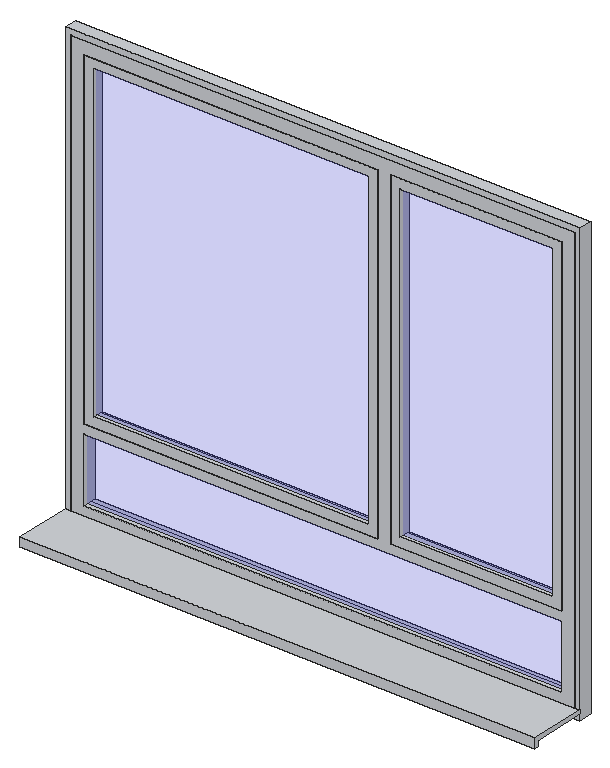
Revit family "AVLN_Окно_Фрамуга общая_2 створки", category Окна, Revit 2021
Family settings
  Основа = Стена
  Номер OmniClass = 23.30.20.00
  Заголовок OmniClass = Windows
  Всегда вертикально = Да
  При загрузке вырезать с полостями = Нет
  Общий = Нет
  Точка принадлежности помещению = Нет
Parameters (values of type "Для копирования!")
  Ширина рамы = 70 mm
  Ширина импоста = 50 mm
  Четверть слева/справа = 50 mm
  Четверть низ = 0 mm  # constant formula
  Четверть верх = 50 mm
  Створка_снизу_ширина = Width - Монтажный зазор_Слева - Монтажный зазор_Справа - Ширина рамы * 2  # 2600 mm
  Створка_снизу_высота = 350 mm
  Створка_толщина = 25 mm  # constant formula
  Толщина основы [instance] = 200 mm
  Створка_справа_ширина = Width - ((Ширина рамы * 3) + (Монтажный зазор_Слева + Монтажный зазор_Справа) + Створка_слева_ширина)  # 930 mm
  Створка_слева_ширина = 1600 mm
  Створка_профиль = 50 mm
  Створка_высота = Height - (Створка_снизу_высота + (Ширина рамы * 2) + Ширина импоста + (Монтажный зазор_Снизу + Монтажный зазор_Сверху))  # 1800 mm
  Определить тепловые свойства по = Тип схем
  Монтажный зазор_Справа = 30 mm
  Монтажный зазор_Снизу = 30 mm
  Монтажный зазор_Слева = 30 mm
  Монтажный зазор_Сверху = 30 mm
  Model = ""
  Верх право открывание = АВЛН_Створка открывная : Створка откидная
  Верх лево открывание = АВЛН_Створка открывная : Створка откидная
  Rough Width = Width - Монтажный зазор_Слева - Монтажный зазор_Справа  # 2740 mm
  Rough Height = Height - Монтажный зазор_Снизу - Монтажный зазор_Сверху  # 2340 mm
  Подстановочный профиль_Ширина = 20 mm  # constant formula
  Подстановочный профиль_Толщина = 60 mm
  Подоконник_Толщина = 20 mm
  Подоконник_Длина = Width  # 2800 mm
  Подоконник_Глубина = 280 mm
  Подоконник = yes
  Низ открывание = АВЛН_Створка открывная : Створка глухая
  Глубина вставки = 0 mm
  Отлив_Толщина = 1 mm  # constant formula
  Отлив_Длина = Width - [Четверть слева/справа] * 2  # 2700 mm
  Отлив_Глубина = 280 mm
  Отлив = no
  Откос_Н.Ширина = Width - 2 * [Четверть слева/справа]  # 2700 mm
  Откос_Н.Толщина.8 = 32 mm
  Откос_Н.Толщина.7 = 28 mm
  Откос_Н.Толщина.6 = 24 mm
  Откос_Н.Толщина.5 = 20 mm
  Откос_Н.Толщина.4 = 16 mm
  Откос_Н.Толщина.3 = 12 mm
  Откос_Н.Толщина.2 = 8 mm
  Откос_Н.Толщина.1 = 4 mm
  Откос_Н.Отступ_П = 0 mm  # constant formula
  Откос_Н.Отступ_Л = 0 mm  # constant formula
  Откос_Н.Количество слоев = 0
  Откос_Н.Глубина = 150 mm
  Откос_Н.Высота = Height - Четверть верх - Четверть низ  # 2350 mm
  Откос_В.Толщина.8 = 32 mm
  Откос_В.Толщина.7 = 28 mm
  Откос_В.Толщина.6 = 24 mm
  Откос_В.Толщина.5 = 20 mm
  Откос_В.Толщина.4 = 16 mm
  Откос_В.Толщина.3 = 12 mm
  Откос_В.Толщина.2 = 8 mm
  Откос_В.Толщина.1 = 4 mm
  Откос_В.Отступ_П [instance] = Монтажный зазор_Снизу + Подоконник_Толщина  # 50 mm
  Откос_В.Отступ_Л [instance] = Монтажный зазор_Снизу + Подоконник_Толщина  # 50 mm
  Откос_В.Количество слоев = 0
  Откос_В.Глубина [instance] = Толщина основы - Глубина вставки - Ширина рамы  # 130 mm
  М.Подоконник = none
  М.Отлив = none
  М.Откос_Н.8 = none
  М.Откос_Н.7 = none
  М.Откос_Н.6 = none
  М.Откос_Н.5 = none
  М.Откос_Н.4 = none
  М.Откос_Н.3 = none
  М.Откос_Н.2 = none
  М.Откос_Н.1 = ADSK_Полимеры_ Поливинилхлорид_(ПВХ) белый
  М.Откос_В.8 = none
  М.Откос_В.7 = none
  М.Откос_В.6 = none
  М.Откос_В.5 = none
  М.Откос_В.4 = none
  М.Откос_В.3 = none
  М.Откос_В.2 = none
  М.Откос_В.1 = ADSK_Полимеры_ Поливинилхлорид_(ПВХ) белый
  М.Монтажного зазора = none
  М.Стекла = Стекло
  М.Рамы = none
  М.Подоконный профиль = none
  Type Comments = ""
  Height = 2400 mm
  Высота подоконника по умолчанию = 800 mm
  Замыкание стены = По основе
  Width = 2800 mm
  Аналитическая конструкция = "<Нет>"
  АВЛН_Проем_Ширина [instance] = Width  # 2800 mm
  АВЛН_Проем_Высота [instance] = Height  # 2400 mm
  ADSK_Этаж [instance] = ""
  ADSK_Размер_Ширина = Width  # 2800 mm
  ADSK_Размер_Высота = Height  # 2400 mm
  ADSK_Примечание [instance] = ""
  ADSK_Площадь = Height * Width  # 6.72 m²
  ADSK_Обозначение = ""
  ADSK_Номер секции [instance] = ""
  ADSK_Наименование = ""
  ADSK_Марка = ""
  ADSK_Группирование = ""
  -----------Разрезка----------- = "-----------"  # constant formula
  -----------Профили----------- = "-----------"  # constant formula
  -----------Подоконник----------- = "-----------"  # constant formula
  -----------Отлив----------- = "-----------"  # constant formula
  -----------Откос----------- = "-----------"  # constant formula
  -----------Основные габариты----------- = "-----------"  # constant formula
  -----------Вставка----------- = "-----------"  # constant formula
Reference planes
  plane 1 "По центру (Вперед/Назад)": y = 0
  plane 2 "По центру (Влево/Вправо)": x = 0
  plane 3 "Слева": x = -1400
  plane 4 "Справа": x = 1400
  plane 5 "Подоконник": z = 800
  plane 6 "Заголовок": z = 3200
  plane 7 "Наружный": y = 100
  plane 8 "Внутренние": y = -100
  plane 9 "Окно": y = 100
  plane 10: x = 1370
  plane 11: z = 3170
  plane 12: x = -1370
  plane 13: z = 830
  plane 14: x = 1350
  plane 15: x = -1350
  plane 16: z = 2000
  plane 17: y = 600
  plane 18: y = -400
  plane 19: z = 3150
  plane 20 "Чет. низ": z = 800
  plane 21 "Внутряння грань": y = 30
  plane 22: y = 80
  plane 23 "Импост верх": z = 1300
  plane 24 "Импост низ": z = 1250
  plane 25: z = 900
  plane 26: z = 3100
  plane 27: x = -1300
  plane 28: x = 1300
  plane 29 "4": z = 1275
  plane 30 "5": x = 300
  plane 31 "6": x = 370
  plane 32 "9": x = 0
  plane 33 "10": x = 835
  plane 34 "11": x = -500
  plane 35 "12": z = 2200
  plane 36: z = 1075
Forms (mm)
  Extrusion 1, void
    sketch origin (0, 100, 0) x (1, 0, 0) y (0, 0, 1)
      loop
        line (1350, 3150) -> (-1350, 3150) -> (-1350, 800) -> (1350, 800) -> (1350, 3150)
    from -500 to 20
  Extrusion 2, void
    sketch origin (0, 100, 0) x (1, 0, 0) y (0, 0, 1)
      loop
        line (1400, 3200) -> (-1400, 3200) -> (-1400, 800) -> (1400, 800) -> (1400, 3200)
    from 0 to 500
  Extrusion 3, solid, material <- "М.Монтажного зазора", detail levels medium+fine
    sketch origin (0, 100, 0) x (1, 0, 0) y (0, 0, 1)
      loop
        line (1400, 3200) -> (-1400, 3200) -> (-1400, 800) -> (1400, 800) -> (1400, 3200)
      loop
        line (-1370, 3170) -> (-1370, 830) -> (1370, 830) -> (1370, 3170) -> (-1370, 3170)
    from 0 to 70
  Extrusion 4, solid, material <- "М.Рамы", detail levels medium+fine
    sketch origin (0, 100, 0) x (-1, 0, 0) y (0, 0, 1)
      loop
        line (-1370, 3170) -> (-1370, 830) -> (1370, 830) -> (1370, 3170) -> (-1370, 3170)
      loop
        line (-300, 3100) -> (-300, 1300) -> (1300, 1300) -> (1300, 3100) -> (-300, 3100)
      loop
        line (1300, 900) -> (1300, 1250) -> (-1300, 1250) -> (-1300, 900) -> (1300, 900)
      loop
        line (-370, 3100) -> (-1300, 3100) -> (-1300, 1300) -> (-370, 1300) -> (-370, 3100)
    from -70 to 0
Lines and regions (mm)
  reference lines
    curve 1: line (-1400, -100, 1275) -> (1400, -100, 1275)
    curve 2: line (335, -100, 3200) -> (335, -100, 800)
Text (mm)
  text "EXTERIOR" at (-1963.203, 1332.353, 0), in view "Опорный уровень"
  text "INTERIOR" at (-1981.466, -818.386, 0), in view "Опорный уровень"
  text "Наружный" at (0, 923.751, 2943.296), in view "Справа"
  text "Наружный" at (0, 1240.237, 2685.409), in view "Слева"
Dimensions and locks
  equal spacing: plane 3 "Слева", plane 2 "По центру (Влево/Вправо)", plane 4 "Справа"
  "Width": plane 3 "Слева" to plane 4 "Справа"
  "Height": plane 5 "Подоконник" to plane 6 "Заголовок"
  "Высота подоконника по умолчанию": plane 5 "Подоконник" to level
  locked: plane 7 "Наружный" to host wall
  locked: plane 8 "Внутренние" to host wall
  "Глубина вставки": plane 9 "Окно" to plane 7 "Наружный"
  "Монтажный зазор_Справа": plane 10 to plane 4 "Справа"
  "Монтажный зазор_Слева": plane 3 "Слева" to plane 12
  "Монтажный зазор_Сверху": plane 11 to plane 6 "Заголовок"
  "Монтажный зазор_Снизу": plane 5 "Подоконник" to plane 13
  "Четверть слева/справа": plane 14 to plane 4 "Справа"
  "Четверть слева/справа": plane 3 "Слева" to plane 15
  equal spacing: plane 5 "Подоконник", plane 16, plane 6 "Заголовок"
  locked: plane 7 "Наружный" to plane 17 at 500
  locked: plane 18 to plane 8 "Внутренние" at 300
  "Четверть верх": plane 19 to plane 6 "Заголовок"
  "Четверть низ": plane 5 "Подоконник" to plane 20 "Чет. низ"
  "Ширина рамы": plane 9 "Окно" to plane 21 "Внутряння грань"
  "Толщина основы": host wall to host wall
  locked: plane 22 to plane 21 "Внутряння грань" at 50
  "Ширина импоста": plane 24 "Импост низ" to plane 23 "Импост верх"
  "Ширина рамы": plane 28 to plane 10
  "Ширина рамы": plane 12 to plane 27
  "Ширина рамы": plane 13 to plane 25
  "Ширина рамы": plane 26 to plane 11
  plane 23 "Импост верх" to plane 26 = 1800 mm  (x2)
  "Створка_снизу_высота": plane 25 to plane 24 "Импост низ"
  equal spacing: plane 23 "Импост верх", plane 29 "4", plane 24 "Импост низ"
  "Створка_слева_ширина": plane 27 to plane 30 "5"
  "Ширина рамы": plane 30 "5" to plane 31 "6"
  equal spacing: plane 30 "5", curve 2, plane 31 "6"
  equal spacing: plane 31 "6", plane 33 "10", plane 28
  equal spacing: plane 27, plane 34 "11", plane 30 "5"
  equal spacing: plane 26, plane 35 "12", plane 23 "Импост верх"
  equal spacing: plane 24 "Импост низ", plane 36, plane 25
  plane 31 "6" to plane 28 = 930 mm
  plane 25 to plane 36 to plane 24 "Импост низ" = 175 mm, 175 mm
  aligned and locked: Extrusion 1 sketch curve to plane 14
  aligned and locked: Extrusion 1 sketch curve to plane 15
  aligned and locked: Extrusion 1 to plane 17
  aligned and locked: Extrusion 2 sketch curve to plane 6 "Заголовок"
  aligned and locked: Extrusion 2 sketch curve to plane 4 "Справа"
  aligned and locked: plane 5 "Подоконник" to Extrusion 2 sketch curve
  aligned and locked: plane 3 "Слева" to Extrusion 2 sketch curve
  aligned and locked: Extrusion 2 to plane 9 "Окно"
  aligned and locked: Extrusion 2 to plane 18
  aligned and locked: Extrusion 1 sketch curve to plane 19
  aligned and locked: plane 20 "Чет. низ" to Extrusion 1 sketch curve
  aligned and locked: plane 9 "Окно" to nested 1
  aligned and locked: plane 2 "По центру (Влево/Вправо)" to nested 1
  aligned and locked: nested 2 to plane 21 "Внутряння грань"
  aligned and locked: nested 2 to plane 2 "По центру (Влево/Вправо)"
  aligned and locked: nested 3 to plane 2 "По центру (Влево/Вправо)"
  aligned and locked: plane 8 "Внутренние" to nested 3
  aligned and locked: nested 4 to plane 9 "Окно"
  aligned and locked: Extrusion 3 sketch curve to plane 6 "Заголовок"
  aligned and locked: Extrusion 3 sketch curve to plane 4 "Справа"
  aligned and locked: Extrusion 3 sketch curve to nested 2  (x2)
  aligned and locked: Extrusion 3 sketch curve to plane 11
  aligned and locked: Extrusion 3 sketch curve to plane 12
  aligned and locked: Extrusion 3 sketch curve to plane 13
  aligned and locked: Extrusion 3 sketch curve to plane 10
  aligned and locked: Extrusion 3 to nested 2
  aligned and locked: Extrusion 4 sketch curve to plane 24 "Импост низ"
  aligned and locked: plane 23 "Импост верх" to Extrusion 4 sketch curve
  aligned and locked: Extrusion 4 sketch curve to Extrusion 4 sketch curve
  aligned and locked: plane 27 to Extrusion 4 sketch curve
  aligned and locked: Extrusion 4 sketch curve to plane 12
  aligned and locked: Extrusion 4 sketch curve to plane 13
  aligned and locked: Extrusion 4 sketch curve to plane 26
  aligned and locked: Extrusion 4 sketch curve to plane 11
  aligned and locked: plane 20 "Чет. низ" to nested 4
  aligned and locked: nested 4 to plane 2 "По центру (Влево/Вправо)"
  aligned and locked: Extrusion 3 to plane 9 "Окно"
  aligned and locked: Extrusion 4 to plane 21 "Внутряння грань"
  aligned and locked: Extrusion 4 to plane 9 "Окно"
  aligned and locked: Extrusion 1 to plane 22
  aligned and locked: curve 1 to plane 29 "4"
  aligned and locked: plane 3 "Слева" to curve 1
  aligned and locked: plane 4 "Справа" to curve 1
  aligned and locked: Extrusion 4 sketch curve to plane 10
  aligned and locked: plane 26 to Extrusion 4 sketch curve
  aligned and locked: Extrusion 4 sketch curve to plane 28
  aligned and locked: Extrusion 4 sketch curve to plane 23 "Импост верх"
  aligned and locked: Extrusion 4 sketch curve to plane 31 "6"
  aligned and locked: plane 6 "Заголовок" to curve 2
  aligned and locked: plane 5 "Подоконник" to curve 2
  aligned and locked: plane 28 to Extrusion 4
  aligned and locked: Extrusion 4 to plane 27
  aligned and locked: plane 32 "9" to nested 5
  aligned and locked: nested 5 to plane 16
  aligned and locked: plane 33 "10" to nested 6
  aligned and locked: nested 6 to plane 35 "12"
  aligned and locked: plane 34 "11" to nested 7
  aligned and locked: nested 7 to plane 35 "12"
  aligned and locked: nested 8 to plane 36
  aligned and locked: plane 32 "9" to nested 8
Automatic sketch dimensions
  plane 28 to Extrusion 4 sketch curve = 0 mm
  plane 30 "5" to Extrusion 4 sketch curve = 0 mm
  Extrusion 4 sketch curve to plane 25 = 0 mm
Nested families
  nested 1: "Отлив" at (0, 100, 800) x (-1, 0, 0) z (0, 0, 1), Глубина отлива <- "Отлив_Глубина", Длина отлива <- "Отлив_Длина", ТО <- "Отлив_Толщина", Ш_МЗЗ <- "Монтажный зазор_Снизу", Ш_ПП <- "Подстановочный профиль_Ширина", ADSK_Группирование <- "ADSK_Группирование", ADSK_Номер секции <- "ADSK_Номер секции", ADSK_Этаж <- "ADSK_Этаж", visible <- "Отлив", М <- "М.Отлив", type "Отлив", detail levels fine
    with Ш_ПП 20 mm, Ш_МЗЗ 30 mm, ТО 1 mm, М none, Длина отлива 2700 mm, Глубина отлива 280 mm, ADSK_Этаж "", ADSK_Примечание "", ADSK_Обозначение "", ADSK_Номер секции "", ADSK_Наименование "", ADSK_Марка "", ADSK_Группирование ""
  nested 2: "Подоконник" at (0, 30, 800), Глубина подоконника <- "Подоконник_Глубина", Длина отлива <- "Подоконник_Длина", ТП <- "Подоконник_Толщина", Ш_МЗЗ <- "Монтажный зазор_Снизу", Ш_ПП <- "Подстановочный профиль_Ширина", ADSK_Группирование <- "ADSK_Группирование", ADSK_Номер секции <- "ADSK_Номер секции", ADSK_Этаж <- "ADSK_Этаж", visible <- "Подоконник", М <- "М.Подоконник", type "Подоконник", detail levels fine
    with Ш_ПП 20 mm, Ш_МЗЗ 30 mm, ТП 20 mm, М none, Длина отлива 2800 mm, Глубина подоконника 280 mm, ADSK_Этаж "", ADSK_Примечание "", ADSK_Обозначение "", ADSK_Номер секции "", ADSK_Наименование "", ADSK_Марка "", ADSK_Группирование ""
  nested 3: "AVLN_Откосы_R19" at (0, -100, 0), Глубина <- "Откос_В.Глубина", Высота от уровня <- "Высота подоконника по умолчанию", ADSK_Группирование <- "Type Comments", ADSK_Этаж <- "ADSK_Этаж", ADSK_Номер секции <- "ADSK_Номер секции", Материал_1 <- "М.Откос_В.1", Материал_2 <- "М.Откос_В.2", Материал_3 <- "М.Откос_В.3", Материал_4 <- "М.Откос_В.4", Материал_5 <- "М.Откос_В.5", Материал_6 <- "М.Откос_В.6", Материал_7 <- "М.Откос_В.7", Материал_8 <- "М.Откос_В.8", Толщина_1 <- "Откос_В.Толщина.1", Толщина_2 <- "Откос_В.Толщина.2", Толщина_3 <- "Откос_В.Толщина.3", Толщина_4 <- "Откос_В.Толщина.4", Толщина_5 <- "Откос_В.Толщина.5", Толщина_6 <- "Откос_В.Толщина.6", Толщина_7 <- "Откос_В.Толщина.7", Толщина_8 <- "Откос_В.Толщина.8", Количество слоев <- "Откос_В.Количество слоев", Отступ_Л <- "Откос_В.Отступ_Л", Отступ_П <- "Откос_В.Отступ_П", Высота <- "Height", Ширина <- "Width", type "AVLN_Откосы_R19"
    with Ширина_8 2576 mm, Ширина_7 2632 mm, Ширина_6 2680 mm, Ширина_5 2720 mm, Ширина_4 2752 mm, Ширина_3 2776 mm, Ширина_2 2792 mm, Ширина 2800 mm, Толщина_8 32 mm, Толщина_7 28 mm, Толщина_6 24 mm, Толщина_5 20 mm, Толщина_4 16 mm, Толщина_3 12 mm, Толщина_2 8 mm, Толщина_1 4 mm, Отступ_П 50 mm, Отступ_Л 50 mm, Материал_8 none, Материал_7 none, Материал_6 none, Материал_5 none, Материал_4 none, Материал_3 none, Материал_2 none, Материал_1 ADSK_Полимеры_ Поливинилхлорид_(ПВХ) белый, Количество слоев 0, Глубина 130 mm, Высота_8 2288 mm, Высота_7 2316 mm, Высота_6 2340 mm, Высота_5 2360 mm, Высота_4 2376 mm, Высота_3 2388 mm, Высота_2 2396 mm, Высота от уровня 800 mm, Высота 2400 mm, Видимость_8 no, Видимость_7 no, Видимость_6 no, Видимость_5 no, Видимость_4 no, Видимость_3 no, Видимость_2 no, Видимость_1 no, ADSK_Этаж "", ADSK_Номер секции "", ADSK_Группирование ""
  nested 4: "AVLN_Откосы_R19" at (0, 100, 0), Ширина <- "Откос_Н.Ширина", Глубина <- "Откос_Н.Глубина", Высота <- "Откос_Н.Высота", Высота от уровня <- "Высота подоконника по умолчанию", ADSK_Группирование <- "Type Comments", ADSK_Этаж <- "ADSK_Этаж", ADSK_Номер секции <- "ADSK_Номер секции", Материал_1 <- "М.Откос_Н.1", Материал_2 <- "М.Откос_Н.2", Материал_3 <- "М.Откос_Н.3", Материал_4 <- "М.Откос_Н.4", Материал_5 <- "М.Откос_Н.5", Материал_6 <- "М.Откос_Н.6", Материал_7 <- "М.Откос_Н.7", Материал_8 <- "М.Откос_Н.8", Толщина_1 <- "Откос_Н.Толщина.1", Толщина_2 <- "Откос_Н.Толщина.2", Толщина_3 <- "Откос_Н.Толщина.3", Толщина_4 <- "Откос_Н.Толщина.4", Толщина_5 <- "Откос_Н.Толщина.5", Толщина_6 <- "Откос_Н.Толщина.6", Толщина_7 <- "Откос_Н.Толщина.7", Толщина_8 <- "Откос_Н.Толщина.8", Количество слоев <- "Откос_Н.Количество слоев", Отступ_Л <- "Откос_Н.Отступ_Л", Отступ_П <- "Откос_Н.Отступ_П", type "AVLN_Откосы_R19"
    with Ширина_8 2476 mm, Ширина_7 2532 mm, Ширина_6 2580 mm, Ширина_5 2620 mm, Ширина_4 2652 mm, Ширина_3 2676 mm, Ширина_2 2692 mm, Ширина 2700 mm, Толщина_8 32 mm, Толщина_7 28 mm, Толщина_6 24 mm, Толщина_5 20 mm, Толщина_4 16 mm, Толщина_3 12 mm, Толщина_2 8 mm, Толщина_1 4 mm, Отступ_П 0 mm, Отступ_Л 0 mm, Материал_8 none, Материал_7 none, Материал_6 none, Материал_5 none, Материал_4 none, Материал_3 none, Материал_2 none, Материал_1 ADSK_Полимеры_ Поливинилхлорид_(ПВХ) белый, Количество слоев 0, Глубина 150 mm, Высота_8 2238 mm, Высота_7 2266 mm, Высота_6 2290 mm, Высота_5 2310 mm, Высота_4 2326 mm, Высота_3 2338 mm, Высота_2 2346 mm, Высота от уровня 800 mm, Высота 2350 mm, Видимость_8 no, Видимость_7 no, Видимость_6 no, Видимость_5 no, Видимость_4 no, Видимость_3 no, Видимость_2 no, Видимость_1 no, ADSK_Этаж "", ADSK_Номер секции "", ADSK_Группирование ""
  nested 5: "AVLN_Обозначение проема" at (0, 100, 2000) x (0, 0, -1) z (0, -1, 0), ADSK_Размер_Высота <- "АВЛН_Проем_Ширина", ADSK_Размер_Ширина <- "АВЛН_Проем_Высота", type "AVLN_Обозначение проема", detail levels coarse
    with ADSK_Размер_Ширина 2400 mm, ADSK_Размер_Высота 2800 mm
  nested 6: "АВЛН_Створка открывная" at (835, 30, 2200) x (-1, 0, 0) z (0, 1, 0), type <- "Верх право открывание", Створка высота <- "Створка_высота", Створка ширина <- "Створка_справа_ширина", Ширина рамы <- "Створка_профиль", Материал_Ручки <- "М.Рамы", Материал_Рама <- "М.Рамы", Материал_Стеклопакет <- "М.Стекла", type "Створка откидная", detail levels medium+fine
    with Ширина рамы 50 mm, Створка ширина 930 mm, Створка высота 1800 mm, Материал_Стеклопакет Стекло, Материал_Ручки none, Материал_Рама none
  nested 7: "АВЛН_Створка открывная" at (-500, 30, 2200) x (-1, 0, 0) z (0, 1, 0), type <- "Верх лево открывание", Створка высота <- "Створка_высота", Створка ширина <- "Створка_слева_ширина", Ширина рамы <- "Створка_профиль", Материал_Ручки <- "М.Рамы", Материал_Рама <- "М.Рамы", Материал_Стеклопакет <- "М.Стекла", type "Створка откидная", detail levels medium+fine
    with Ширина рамы 50 mm, Створка ширина 1600 mm, Створка высота 1800 mm, Материал_Стеклопакет Стекло, Материал_Ручки none, Материал_Рама none
  nested 8: "АВЛН_Створка открывная" at (0, 30, 1075) x (-1, 0, 0) z (0, 1, 0), Створка высота <- "Створка_снизу_высота", Створка ширина <- "Створка_снизу_ширина", Ширина рамы <- "Створка_профиль", type <- "Низ открывание", Материал_Ручки <- "М.Рамы", Материал_Рама <- "М.Рамы", Материал_Стеклопакет <- "М.Стекла", type "Створка глухая", detail levels medium+fine
    with Ширина рамы 50 mm, Створка ширина 2600 mm, Створка высота 350 mm, Материал_Стеклопакет Стекло, Материал_Ручки none, Материал_Рама none
Definition of nested family "Отлив"
  Parameters (values of type "Отлив")
    Ш_ПП [instance] = 50 mm
    Ш_МЗЗ [instance] = 35 mm
    ТО [instance] = 1 mm
    Default Elevation = 1219.2 mm
    М [instance] = none
    Длина отлива [instance] = 1560 mm
    Глубина отлива [instance] = 280 mm
    ADSK_Этаж [instance] = ""
    ADSK_Примечание [instance] = ""
    ADSK_Обозначение [instance] = ""
    ADSK_Номер секции [instance] = ""
    ADSK_Наименование [instance] = ""
    ADSK_Марка [instance] = ""
    ADSK_Группирование [instance] = ""
  Reference planes
    plane 1 "По центру (Вперед/Назад)": y = 0
    plane 2: z = 0
    plane 3 "По центру (Влево/Вправо)": x = 0
    plane 4: y = -280
    plane 5: x = -780
    plane 6: x = 780
    plane 7: z = 35
    plane 8: z = 85
    plane 9: y = -1
    plane 10: y = -300
    plane 11: y = -301
    plane 12: z = -35
    plane 13: z = 34
  Forms (mm)
    Extrusion 1, solid, material <- "М"
      sketch origin (0, 0, 0) x (0, 1, 0) y (0, 0, 1)
        loop
          line (0, 85) -> (-1, 85) -> (-1, 34.893) -> (-301, 0.893) -> (-301, -35) -> (-300, -35) -> (-300, 0) -> (0, 34) -> (0, 85)
      from -780 to 780
  Dimensions and locks
    equal spacing: plane 5, plane 3 "По центру (Влево/Вправо)", plane 6
    "Длина отлива": plane 5 to plane 6
    "Глубина отлива": plane 4 to plane 1 "По центру (Вперед/Назад)"
    "Ш_МЗЗ": plane 7 to level
    "Ш_ПП": plane 8 to plane 7
    "ТО": plane 1 "По центру (Вперед/Назад)" to plane 9
    "ТО": plane 10 to plane 11
    locked: level to plane 12 at 35
    "ТО": plane 7 to plane 13
    "ТО": Extrusion 1 sketch curve to Extrusion 1 sketch curve
    locked: plane 4 to plane 10 at 20
    aligned and locked: level to plane 2
    aligned and locked: plane 8 to Extrusion 1 sketch curve
    aligned and locked: plane 9 to Extrusion 1 sketch curve
    aligned and locked: plane 11 to Extrusion 1 sketch curve
    aligned and locked: plane 12 to Extrusion 1 sketch curve
    aligned and locked: plane 1 "По центру (Вперед/Назад)" to Extrusion 1 sketch curve  (x2)
    aligned and locked: plane 13 to Extrusion 1 sketch curve
    aligned and locked: level to Extrusion 1 sketch curve
    aligned and locked: plane 10 to Extrusion 1 sketch curve
    aligned and locked: plane 6 to Extrusion 1
    aligned and locked: Extrusion 1 to plane 5
Definition of nested family "Подоконник"
  Parameters (values of type "Подоконник")
    Ш_ПП [instance] = 50 mm
    Ш_МЗЗ [instance] = 35 mm
    ТП [instance] = 20 mm
    Default Elevation = 1219.2 mm
    М [instance] = none
    Длина отлива [instance] = 1560 mm
    Глубина подоконника [instance] = 280 mm
    ADSK_Этаж [instance] = ""
    ADSK_Примечание [instance] = ""
    ADSK_Обозначение [instance] = ""
    ADSK_Номер секции [instance] = ""
    ADSK_Наименование [instance] = ""
    ADSK_Марка [instance] = ""
    ADSK_Группирование [instance] = ""
  Reference planes
    plane 1 "По центру (Вперед/Назад)": y = 0
    plane 2: z = 0
    plane 3 "По центру (Влево/Вправо)": x = 0
    plane 4: y = -280
    plane 5: x = -780
    plane 6: x = 780
    plane 7: z = 35
    plane 8: z = 85
    plane 9: y = -20
    plane 10: y = -290
    plane 11: y = -310
    plane 12: z = -35
    plane 13: z = 15
    plane 14: z = 65
  Forms (mm)
    Extrusion 1, solid, material <- "М"
      sketch origin (0, 0, 0) x (0, 1, 0) y (0, 0, 1)
        loop
          line (0, 85) -> (-310, 85) -> (-310, 0) -> (-290, 0) -> (-290, 65) -> (0, 65) -> (0, 85)
      from -780 to 780
  Dimensions and locks
    equal spacing: plane 5, plane 3 "По центру (Влево/Вправо)", plane 6
    "Длина отлива": plane 5 to plane 6
    "Глубина подоконника": plane 4 to plane 1 "По центру (Вперед/Назад)"
    "Ш_МЗЗ": plane 7 to level
    "Ш_ПП": plane 8 to plane 7
    "ТП": plane 1 "По центру (Вперед/Назад)" to plane 9
    "ТП": plane 10 to plane 11
    locked: level to plane 12 at 35
    "ТП": plane 7 to plane 13
    locked: plane 4 to plane 10 at 10
    "ТП": plane 8 to plane 14
    aligned and locked: level to plane 2
    aligned and locked: plane 8 to Extrusion 1 sketch curve
    aligned and locked: plane 1 "По центру (Вперед/Назад)" to Extrusion 1 sketch curve
    aligned and locked: plane 10 to Extrusion 1 sketch curve
    aligned and locked: plane 11 to Extrusion 1 sketch curve
    aligned and locked: level to Extrusion 1 sketch curve
    aligned and locked: plane 14 to Extrusion 1 sketch curve
    aligned and locked: Extrusion 1 to plane 5
    aligned and locked: plane 6 to Extrusion 1
Definition of nested family "АВЛН_Створка открывная"
  Parameters (values of type "Створка повороно-откидная правая")
    Ширина рамы [instance] = 50 mm
    Width = 1600 mm
    Створка ширина [instance] = 800 mm
    Створка высота [instance] = 700 mm
    Define Thermal Properties by = 1
    Материал_Стеклопакет [instance] = none
    Поворотная Правая = yes
    Поворотная Левая = no
    Default Elevation = 1200 mm
    Открываная = yes
    Откидная = yes
    Материал_Ручки [instance] = none
    Материал_Рама [instance] = none
    Левая = yes
    Глухое = no
    Height = 1800 mm
    Analytic Construction = "<Нет>"
  Types (6, lengths in mm): name | Поворотная Правая | Поворотная Левая | Default Elevation | Открываная | Откидная | Глухое
    Створка повороно-откидная правая | yes | no | 1200 | yes | yes | no
    Створка повороно-откидная левая | no | yes | 1219.2 | yes | yes | no
    Створка глухая | no | no | 1219.2 | no | no | yes
    Створка откидная | no | no | 1219.2 | yes | yes | no
    Створка поворотная правая | yes | no | 1219.2 | yes | no | no
    Створка поворотная левая | no | yes | 1219.2 | yes | no | no
  Reference planes
    plane 1 "По центру (Вперед/Назад)": y = 0
    plane 2 "Внутрення грань": z = 0
    plane 3 "По центру (Влево/Вправо)": x = 0
    plane 4: y = 350
    plane 5: x = 400
    plane 6: y = -350
    plane 7: x = -400
    plane 8 "Наружняя грань": z = 60.433
    plane 9 "По центру Л/Р": z = 30.216
  Forms (mm)
    Extrusion 1, solid
      sketch origin (0, 0, 0) x (1, 0, 0) y (0, 1, 0)
        loop
          line (-1219.2, 1219.2) -> (-1219.2, -1219.2) -> (1219.2, -1219.2) -> (1219.2, 1219.2) -> (-1219.2, 1219.2)
      from 0 to -304.8
    Sweep 2, solid, material <- "Материал_Рама", visible <- "Открываная"
      path origin (0, 0, 0) x (1, 0, 0) y (0, 1, 0)
        loop
          line (400, 350) -> (-400, 350) -> (-400, -350) -> (400, -350) -> (400, 350)
      profile origin (0, 350, 0) x (0, -1, 0) y (0, 0, 1)
        loop
          line (0, 0) -> (50, 0) -> (50, 60.433) -> (0, 60.433) -> (0, 0)
    Extrusion 3, solid, material <- "Материал_Стеклопакет", visible <- "Открываная"
      sketch origin (0, 0, 0) x (1, 0, 0) y (0, 1, 0)
        loop
          line (-350, 300) -> (-350, -300) -> (350, -300) -> (350, 300) -> (-350, 300)
      from 17.481 to 42.952
    Extrusion 4, solid, material <- "Материал_Стеклопакет", visible <- "Глухое"
      sketch origin (0, 0, 0) x (1, 0, 0) y (0, 1, 0)
        loop
          line (-400, 350) -> (-400, -350) -> (400, -350) -> (400, 350) -> (-400, 350)
      from 17.481 to 42.952
  Lines and regions (mm)
    model lines, visible <- "Глухое", detail levels medium+fine
      curve 1: line (0, 50, 60.433) -> (0, -50, 60.433)
      curve 2: line (50, 0, 60.433) -> (-50, 0, 60.433)
      curve 17: line (0, 50, 0) -> (0, -50, 0)
      curve 18: line (50, 0, 0) -> (-50, 0, 0)
    model lines, visible <- "Глухое", not visible, detail levels medium+fine
      curve 3: line (60, 38.001, 60.433) -> (60, -61.999, 60.433)
      curve 4: line (110, -11.999, 60.433) -> (10, -11.999, 60.433)
    model lines, visible <- "Поворотная Левая", detail levels medium+fine
      curve 5: line (400, 350, 0) -> (-400, 0, 0)
      curve 6: line (400, -350, 0) -> (-400, 0, 0)
      curve 13: line (400, 350, 60.433) -> (-400, 0, 60.433)
      curve 14: line (400, -350, 60.433) -> (-400, 0, 60.433)
    model lines, visible <- "Откидная", detail levels medium+fine
      curve 7: line (-400, -350, 0) -> (0, 350, 0)
      curve 8: line (0, 350, 0) -> (400, -350, 0)
      curve 15: line (-400, -350, 60.433) -> (0, 350, 60.433)
      curve 16: line (0, 350, 60.433) -> (400, -350, 60.433)
    model lines, visible <- "Поворотная Правая", detail levels medium+fine
      curve 9: line (-400, 350, 0) -> (400, 0, 0)
      curve 10: line (-400, -350, 0) -> (400, 0, 0)
      curve 11: line (-400, 350, 60.433) -> (400, 0, 60.433)
      curve 12: line (-400, -350, 60.433) -> (400, 0, 60.433)
  Dimensions and locks
    "Створка высота": plane 4 to plane 6
    "Створка ширина": plane 7 to plane 5
    equal spacing: plane 7, plane 3 "По центру (Влево/Вправо)", plane 5
    equal spacing: plane 6, plane 1 "По центру (Вперед/Назад)", plane 4
    plane 2 "Внутрення грань" to plane 8 "Наружняя грань" = 60.433 mm
    level to Extrusion 4 = 42.952 mm
    plane 8 "Наружняя грань" to level = 60.433 mm
    equal spacing: Extrusion 3, plane 9 "По центру Л/Р", Extrusion 3
    equal spacing: plane 8 "Наружняя грань", plane 9 "По центру Л/Р", level
    Extrusion 3 to Extrusion 3 = 25.471 mm
    "Ширина рамы": profile plane to Sweep 2 sketch curve
    equal spacing: Extrusion 4, plane 9 "По центру Л/Р", Extrusion 4, locked at 12.735 each
    locked: Extrusion 4 to Extrusion 4 at 25.471
    equal spacing: Sweep 2, nested 1, Sweep 2
    equal spacing: Sweep 2, nested 2, Sweep 2
    aligned and locked: plane 2 "Внутрення грань" to Extrusion 1
    aligned and locked: level to Extrusion 1
    aligned and locked: plane 4 to Sweep 2 sketch curve
    aligned and locked: plane 5 to Sweep 2 sketch curve
    aligned and locked: plane 6 to Sweep 2 sketch curve
    aligned and locked: Sweep 2 sketch curve to plane 7
    aligned and locked: Extrusion 3 sketch curve to Sweep 2  (x4)
    aligned and locked: Extrusion 4 sketch curve to Sweep 2  (x3)
    aligned and locked: Extrusion 4 sketch curve to plane 5
    aligned and locked: Sweep 2 sketch curve to plane 8 "Наружняя грань"
    aligned and locked: plane 6 to Extrusion 4
    aligned and locked: plane 4 to Extrusion 4
    aligned and locked: curve 2 to plane 1 "По центру (Вперед/Назад)"
    aligned and locked: curve 1 to plane 3 "По центру (Влево/Вправо)"
    aligned and locked: curve 18 to plane 1 "По центру (Вперед/Назад)"
    aligned and locked: curve 17 to plane 3 "По центру (Влево/Вправо)"
    aligned and locked: nested 2 to plane 1 "По центру (Вперед/Назад)"
    aligned and locked: nested 1 to plane 1 "По центру (Вперед/Назад)"
  Automatic sketch dimensions
    Extrusion 1 sketch curve to Extrusion 1 sketch curve = 2438.4 mm  (x2)
    plane 1 "По центру (Вперед/Назад)" to curve 5 = 0 mm
    curve 5 to plane 7 = 0 mm
    curve 9 to plane 4 = 0 mm
    curve 9 to plane 7 = 0 mm
    plane 6 to curve 7 = 0 mm
    curve 7 to plane 7 = 0 mm
    curve 7 to plane 3 "По центру (Влево/Вправо)" = 0 mm
    curve 6 to plane 5 = 0 mm
    plane 1 "По центру (Вперед/Назад)" to curve 9 = 0 mm
    curve 9 to plane 5 = 0 mm
    curve 5 to plane 4 = 0 mm
    curve 5 to plane 5 = 0 mm
    plane 6 to curve 8 = 0 mm
    curve 8 to plane 4 = 0 mm
    curve 11 to plane 4 = 0 mm
    curve 11 to plane 7 = 0 mm
    plane 6 to curve 15 = 0 mm
    curve 15 to plane 7 = 0 mm
    plane 1 "По центру (Вперед/Назад)" to curve 14 = 0 mm
    curve 14 to plane 7 = 0 mm
    curve 15 to plane 3 "По центру (Влево/Вправо)" = 0 mm
    plane 1 "По центру (Вперед/Назад)" to curve 11 = 0 mm
    curve 11 to plane 5 = 0 mm
    curve 14 to plane 5 = 0 mm
    curve 13 to plane 4 = 0 mm
    curve 13 to plane 5 = 0 mm
    plane 6 to curve 14 = 0 mm
    curve 15 to plane 4 = 0 mm
    plane 1 "По центру (Вперед/Назад)" to curve 2 = 0 mm
    curve 1 to plane 3 "По центру (Влево/Вправо)" = 0 mm
    curve 2 to plane 3 "По центру (Влево/Вправо)" = 50 mm
    plane 3 "По центру (Влево/Вправо)" to curve 2 = 50 mm
    plane 1 "По центру (Вперед/Назад)" to curve 1 = 50 mm
    curve 1 to plane 1 "По центру (Вперед/Назад)" = 50 mm
    curve 18 to curve 17 = 50 mm
    curve 17 to curve 18 = 50 mm
    plane 1 "По центру (Вперед/Назад)" to curve 17 = 50 mm
    curve 17 to plane 1 "По центру (Вперед/Назад)" = 50 mm
    Sweep 2 sketch curve to level = 0 mm
    Sweep 2 sketch curve to profile plane = 0 mm
  Nested families
    nested 1: "АВЛН_Ручка" at (375, 1040, 0) x (1, 0, 0) z (0, -1, 0), visible <- "Поворотная Правая", Материал дверной ручки <- "Материал_Рама", type "АВЛН_Ручка", detail levels fine
      with Материал дверной ручки none, Высота расположения дверной ручки 1040 mm
    nested 2: "АВЛН_Ручка" at (-375, 1040, 0) x (1, 0, 0) z (0, -1, 0), visible <- "Поворотная Левая", Материал дверной ручки <- "Материал_Рама", type "АВЛН_Ручка", detail levels fine
      with Материал дверной ручки none, Высота расположения дверной ручки 1040 mm
  Definition of nested family "АВЛН_Ручка"
    Parameters (values of type "АВЛН_Ручка")
      Default Elevation = 1219.2 mm
      Материал дверной ручки [instance] = none
      Высота расположения дверной ручки [instance] = 1040 mm
      Analytic Construction = "<Нет>"
      b = 25 mm
      a = 75 mm
    Reference planes
      plane 1 "По центру (Вперед/Назад)": y = 0
      plane 2: z = 0
      plane 3 "По центру (Влево/Вправо)": x = 0
      plane 4: z = 1040
      plane 5: x = 12.5
      plane 6: x = -12.5
      plane 7: z = 1002.5
      plane 8: z = 1077.5
      plane 9: y = -15
    Forms (mm)
      Extrusion 1, solid, material <- "Материал дверной ручки"
        sketch origin (0, 0, 2080) x (-1, 0, 0) y (0, 0, -1)
          loop
            arc (-2.5, 1077.5) -> (-9.571, 1074.571) -> (-12.5, 1067.5) r 10
            line (-12.5, 1067.5) -> (-12.5, 1012.5)
            arc (-12.5, 1012.5) -> (-9.571, 1005.429) -> (-2.5, 1002.5) r 10
            line (-2.5, 1002.5) -> (2.5, 1002.5)
            arc (2.5, 1002.5) -> (9.571, 1005.429) -> (12.5, 1012.5) r 10
            line (12.5, 1012.5) -> (12.5, 1067.5)
            arc (12.5, 1067.5) -> (9.571, 1074.571) -> (2.5, 1077.5) r 10
            line (2.5, 1077.5) -> (-2.5, 1077.5)
        from 0 to 15
      Sweep 2, solid, material <- "Материал дверной ручки"
        path origin (-1040, 0, 1040) x (0, 0, -1) y (0, 1, 0)
          loop
            line (0, -15) -> (0, -38.261)
            arc (0, -38.261) -> (-2.929, -45.332) -> (-10, -48.261) r 10
            line (-10, -48.261) -> (-130, -48.261)
        profile origin (-1040, -26.63, 1040) x (0, 0, -1) y (1, 0, 0)
          loop
            circle (0, 1040) r 8
    Dimensions and locks
      "Высота расположения дверной ручки": plane 4 to level
      "a": plane 7 to plane 8
      "b": plane 6 to plane 5
      plane 6 to plane 5 = 25 mm
      locked: plane 1 "По центру (Вперед/Назад)" to plane 9 at 15
      plane 7 to plane 8 = 75 mm
      aligned and locked: level to plane 2
      aligned and locked: Extrusion 1 sketch curve to plane 7
      aligned and locked: plane 5 to Extrusion 1 sketch curve
      aligned and locked: plane 8 to Extrusion 1 sketch curve
      aligned and locked: Extrusion 1 sketch curve to plane 6
      aligned and locked: Extrusion 1 to plane 1 "По центру (Вперед/Назад)"
    Automatic sketch dimensions
      Sweep 2 sketch curve to plane 9 = 0 mm
      plane 4 to Sweep 2 sketch curve = 10 mm
      plane 9 to Sweep 2 sketch curve = 23.261 mm
      Sweep 2 sketch curve to Sweep 2 sketch curve = 120 mm
      Sweep 2 sketch curve to profile plane = 0 mm
      profile plane to Sweep 2 sketch curve = 1040 mm
      Sweep 2 sketch curve to plane 4 = 0 mm
      plane 3 "По центру (Влево/Вправо)" to Extrusion 1 sketch curve = 2.5 mm  (x2)
      Extrusion 1 sketch curve to plane 3 "По центру (Влево/Вправо)" = 2.5 mm  (x2)
      radius of Sweep 2 sketch curve = 8 mm
Definition of nested family "AVLN_Откосы_R19"
  Parameters (values of type "AVLN_Откосы_R19")
    Ширина_8 [instance] = Ширина_7 - Толщина_7 * 2  # 776 mm
    Ширина_7 [instance] = Ширина_6 - Толщина_6 * 2  # 832 mm
    Ширина_6 [instance] = Ширина_5 - Толщина_5 * 2  # 880 mm
    Ширина_5 [instance] = Ширина_4 - Толщина_4 * 2  # 920 mm
    Ширина_4 [instance] = Ширина_3 - Толщина_3 * 2  # 952 mm
    Ширина_3 [instance] = Ширина_2 - Толщина_2 * 2  # 976 mm
    Ширина_2 [instance] = Ширина - Толщина_1 * 2  # 992 mm
    Ширина [instance] = 1000 mm
    Толщина_8 [instance] = 32 mm
    Толщина_7 [instance] = 28 mm
    Толщина_6 [instance] = 24 mm
    Толщина_5 [instance] = 20 mm
    Толщина_4 [instance] = 16 mm
    Толщина_3 [instance] = 12 mm
    Толщина_2 [instance] = 8 mm
    Толщина_1 [instance] = 4 mm
    Отступ_П [instance] = 0 mm
    Отступ_Л [instance] = 0 mm
    Default Elevation = 1219.2 mm
    Материал_8 [instance] = none
    Материал_7 [instance] = none
    Материал_6 [instance] = none
    Материал_5 [instance] = none
    Материал_4 [instance] = none
    Материал_3 [instance] = none
    Материал_2 [instance] = none
    Материал_1 [instance] = none
    Type Comments = ""
    Количество слоев [instance] = 8
    Глубина [instance] = 200 mm
    Высота_8 [instance] = Высота_7 - Толщина_7  # 1388 mm
    Высота_7 [instance] = Высота_6 - Толщина_6  # 1416 mm
    Высота_6 [instance] = Высота_5 - Толщина_5  # 1440 mm
    Высота_5 [instance] = Высота_4 - Толщина_4  # 1460 mm
    Высота_4 [instance] = Высота_3 - Толщина_3  # 1476 mm
    Высота_3 [instance] = Высота_2 - Толщина_2  # 1488 mm
    Высота_2 [instance] = Высота - Толщина_1  # 1496 mm
    Высота от уровня [instance] = 377.189 mm
    Высота [instance] = 1500 mm
    Видимость_8 [instance] = Количество слоев > 7  # yes
    Видимость_7 [instance] = Количество слоев > 6  # yes
    Видимость_6 [instance] = Количество слоев > 5  # yes
    Видимость_5 [instance] = Количество слоев > 4  # yes
    Видимость_4 [instance] = Количество слоев > 3  # yes
    Видимость_3 [instance] = Количество слоев > 2  # yes
    Видимость_2 [instance] = Количество слоев > 1  # yes
    Видимость_1 [instance] = Количество слоев > 0  # yes
    ADSK_Этаж [instance] = ""
    ADSK_Номер секции [instance] = ""
    ADSK_Группирование [instance] = ""
  Reference planes
    plane 1 "По центру (Вперед/Назад)": y = 0
    plane 2: z = 0
    plane 3 "По центру (Влево/Вправо)": x = 0
    plane 4: y = 200
    plane 5: z = 377.189
  Dimensions and locks
    "Глубина": plane 4 to plane 1 "По центру (Вперед/Назад)"
    "Высота от уровня": plane 5 to level
    aligned and locked: level to plane 2
    aligned and locked: plane 3 "По центру (Влево/Вправо)" to nested 1
    aligned and locked: nested 1 to plane 1 "По центру (Вперед/Назад)"
    aligned and locked: plane 3 "По центру (Влево/Вправо)" to nested 2
    aligned and locked: nested 2 to plane 1 "По центру (Вперед/Назад)"
    aligned and locked: plane 3 "По центру (Влево/Вправо)" to nested 3
    aligned and locked: nested 3 to plane 1 "По центру (Вперед/Назад)"
    aligned and locked: plane 3 "По центру (Влево/Вправо)" to nested 4
    aligned and locked: nested 4 to plane 1 "По центру (Вперед/Назад)"
    aligned and locked: plane 3 "По центру (Влево/Вправо)" to nested 5
    aligned and locked: nested 5 to plane 1 "По центру (Вперед/Назад)"
    aligned and locked: plane 3 "По центру (Влево/Вправо)" to nested 6
    aligned and locked: nested 6 to plane 1 "По центру (Вперед/Назад)"
    aligned and locked: plane 3 "По центру (Влево/Вправо)" to nested 7
    aligned and locked: nested 7 to plane 1 "По центру (Вперед/Назад)"
    aligned and locked: plane 3 "По центру (Влево/Вправо)" to nested 8
    aligned and locked: nested 8 to plane 1 "По центру (Вперед/Назад)"
  Nested families
    nested 1: "Откос_R1" at (0, 100, 377.189), ADSK_Размер_Глубина <- "Глубина", built-in parameter 1001364 <- "Высота от уровня", ADSK_Группирование <- "ADSK_Группирование", ADSK_Номер секции <- "ADSK_Номер секции", ADSK_Этаж <- "ADSK_Этаж", visible <- "Видимость_1", Видимость <- "Видимость_1", Материал <- "Материал_1", ADSK_Размер_Высота <- "Высота", ADSK_Размер_Толщина <- "Толщина_1", ADSK_Размер_Ширина <- "Ширина", Отступ_Л <- "Отступ_Л", Отступ_П <- "Отступ_П", type "Откос_R19 2"
      with Площадь 0.80 m², Отступ_П 0 mm, Отступ_Л 0 mm, Материал none, Видимость yes, ADSK_Этаж "", ADSK_Размер_Ширина 1000 mm, ADSK_Размер_Толщина 4 mm, ADSK_Размер_Глубина 200 mm, ADSK_Размер_Высота 1500 mm, ADSK_Номер секции "", ADSK_Группирование ""
    nested 2: "Откос_R1" at (0, 100, 377.189), ADSK_Размер_Глубина <- "Глубина", built-in parameter 1001364 <- "Высота от уровня", ADSK_Группирование <- "ADSK_Группирование", ADSK_Номер секции <- "ADSK_Номер секции", ADSK_Этаж <- "ADSK_Этаж", visible <- "Видимость_2", Видимость <- "Видимость_2", Материал <- "Материал_2", ADSK_Размер_Высота <- "Высота_2", ADSK_Размер_Толщина <- "Толщина_2", ADSK_Размер_Ширина <- "Ширина_2", Отступ_Л <- "Отступ_Л", Отступ_П <- "Отступ_П", type "Откос_R19 2"
      with Площадь 0.7968 m², Отступ_П 0 mm, Отступ_Л 0 mm, Материал none, Видимость yes, ADSK_Этаж "", ADSK_Размер_Ширина 992 mm, ADSK_Размер_Толщина 8 mm, ADSK_Размер_Глубина 200 mm, ADSK_Размер_Высота 1496 mm, ADSK_Номер секции "", ADSK_Группирование ""
    nested 3: "Откос_R1" at (0, 100, 377.189), ADSK_Размер_Глубина <- "Глубина", built-in parameter 1001364 <- "Высота от уровня", ADSK_Группирование <- "ADSK_Группирование", ADSK_Номер секции <- "ADSK_Номер секции", ADSK_Этаж <- "ADSK_Этаж", visible <- "Видимость_3", Видимость <- "Видимость_3", Материал <- "Материал_3", ADSK_Размер_Высота <- "Высота_3", ADSK_Размер_Толщина <- "Толщина_3", ADSK_Размер_Ширина <- "Ширина_3", Отступ_Л <- "Отступ_Л", Отступ_П <- "Отступ_П", type "Откос_R19 2"
      with Площадь 0.7904 m², Отступ_П 0 mm, Отступ_Л 0 mm, Материал none, Видимость yes, ADSK_Этаж "", ADSK_Размер_Ширина 976 mm, ADSK_Размер_Толщина 12 mm, ADSK_Размер_Глубина 200 mm, ADSK_Размер_Высота 1488 mm, ADSK_Номер секции "", ADSK_Группирование ""
    nested 4: "Откос_R1" at (0, 100, 377.189), ADSK_Размер_Глубина <- "Глубина", built-in parameter 1001364 <- "Высота от уровня", ADSK_Группирование <- "ADSK_Группирование", ADSK_Номер секции <- "ADSK_Номер секции", ADSK_Этаж <- "ADSK_Этаж", visible <- "Видимость_4", Видимость <- "Видимость_4", Материал <- "Материал_4", ADSK_Размер_Высота <- "Высота_4", ADSK_Размер_Толщина <- "Толщина_4", ADSK_Размер_Ширина <- "Ширина_4", Отступ_Л <- "Отступ_Л", Отступ_П <- "Отступ_П", type "Откос_R19 2"
      with Площадь 0.7808 m², Отступ_П 0 mm, Отступ_Л 0 mm, Материал none, Видимость yes, ADSK_Этаж "", ADSK_Размер_Ширина 952 mm, ADSK_Размер_Толщина 16 mm, ADSK_Размер_Глубина 200 mm, ADSK_Размер_Высота 1476 mm, ADSK_Номер секции "", ADSK_Группирование ""
    nested 5: "Откос_R1" at (0, 100, 377.189), ADSK_Размер_Глубина <- "Глубина", built-in parameter 1001364 <- "Высота от уровня", ADSK_Группирование <- "ADSK_Группирование", ADSK_Номер секции <- "ADSK_Номер секции", ADSK_Этаж <- "ADSK_Этаж", visible <- "Видимость_5", Видимость <- "Видимость_5", Материал <- "Материал_5", ADSK_Размер_Высота <- "Высота_5", ADSK_Размер_Толщина <- "Толщина_5", ADSK_Размер_Ширина <- "Ширина_5", Отступ_Л <- "Отступ_Л", Отступ_П <- "Отступ_П", type "Откос_R19 2"
      with Площадь 0.768 m², Отступ_П 0 mm, Отступ_Л 0 mm, Материал none, Видимость yes, ADSK_Этаж "", ADSK_Размер_Ширина 920 mm, ADSK_Размер_Толщина 20 mm, ADSK_Размер_Глубина 200 mm, ADSK_Размер_Высота 1460 mm, ADSK_Номер секции "", ADSK_Группирование ""
    nested 6: "Откос_R1" at (0, 100, 377.189), ADSK_Размер_Глубина <- "Глубина", built-in parameter 1001364 <- "Высота от уровня", ADSK_Группирование <- "ADSK_Группирование", ADSK_Номер секции <- "ADSK_Номер секции", ADSK_Этаж <- "ADSK_Этаж", visible <- "Видимость_6", Видимость <- "Видимость_6", Материал <- "Материал_6", ADSK_Размер_Высота <- "Высота_6", ADSK_Размер_Толщина <- "Толщина_6", ADSK_Размер_Ширина <- "Ширина_6", Отступ_Л <- "Отступ_Л", Отступ_П <- "Отступ_П", type "Откос_R19 2"
      with Площадь 0.752 m², Отступ_П 0 mm, Отступ_Л 0 mm, Материал none, Видимость yes, ADSK_Этаж "", ADSK_Размер_Ширина 880 mm, ADSK_Размер_Толщина 24 mm, ADSK_Размер_Глубина 200 mm, ADSK_Размер_Высота 1440 mm, ADSK_Номер секции "", ADSK_Группирование ""
    nested 7: "Откос_R1" at (0, 100, 377.189), ADSK_Размер_Глубина <- "Глубина", built-in parameter 1001364 <- "Высота от уровня", ADSK_Группирование <- "ADSK_Группирование", ADSK_Номер секции <- "ADSK_Номер секции", ADSK_Этаж <- "ADSK_Этаж", visible <- "Видимость_7", Видимость <- "Видимость_7", Материал <- "Материал_7", ADSK_Размер_Высота <- "Высота_7", ADSK_Размер_Толщина <- "Толщина_7", ADSK_Размер_Ширина <- "Ширина_7", Отступ_Л <- "Отступ_Л", Отступ_П <- "Отступ_П", type "Откос_R19 2"
      with Площадь 0.7328 m², Отступ_П 0 mm, Отступ_Л 0 mm, Материал none, Видимость yes, ADSK_Этаж "", ADSK_Размер_Ширина 832 mm, ADSK_Размер_Толщина 28 mm, ADSK_Размер_Глубина 200 mm, ADSK_Размер_Высота 1416 mm, ADSK_Номер секции "", ADSK_Группирование ""
    nested 8: "Откос_R1" at (0, 100, 377.189), ADSK_Размер_Глубина <- "Глубина", built-in parameter 1001364 <- "Высота от уровня", ADSK_Группирование <- "ADSK_Группирование", ADSK_Номер секции <- "ADSK_Номер секции", ADSK_Этаж <- "ADSK_Этаж", visible <- "Видимость_8", Видимость <- "Видимость_8", Материал <- "Материал_8", ADSK_Размер_Высота <- "Высота_8", ADSK_Размер_Толщина <- "Толщина_8", ADSK_Размер_Ширина <- "Ширина_8", Отступ_Л <- "Отступ_Л", Отступ_П <- "Отступ_П", type "Откос_R19 2"
      with Площадь 0.7104 m², Отступ_П 0 mm, Отступ_Л 0 mm, Материал none, Видимость yes, ADSK_Этаж "", ADSK_Размер_Ширина 776 mm, ADSK_Размер_Толщина 32 mm, ADSK_Размер_Глубина 200 mm, ADSK_Размер_Высота 1388 mm, ADSK_Номер секции "", ADSK_Группирование ""
  Definition of nested family "Откос_R1"
    Parameters (values of type "Откос_R19")
      Площадь [instance] = (ADSK_Размер_Ширина + 2 * ADSK_Размер_Высота) * ADSK_Размер_Глубина  # 2.93564 m²
      Отступ_П [instance] = 0 mm
      Отступ_Л [instance] = 0 mm
      Материал [instance] = none
      Model = "Внутренний слой откоса"  # constant formula
      Видимость [instance] = yes
      ADSK_Этаж [instance] = ""
      ADSK_Размер_Ширина [instance] = 1880 mm
      ADSK_Размер_Толщина [instance] = 164.158 mm
      ADSK_Размер_Глубина [instance] = 560 mm
      ADSK_Размер_Высота [instance] = 1681.106 mm
      ADSK_Примечание = ""
      ADSK_Обозначение = ""
      ADSK_Номер секции [instance] = ""
      ADSK_Наименование = ""
      ADSK_Марка = ""
      ADSK_Группирование [instance] = ""
    Reference planes
      plane 1 "По центру (Вперед/Назад)": y = 0
      plane 2: z = 0
      plane 3 "По центру (Влево/Вправо)": x = 0
      plane 4: x = -940
      plane 5: x = 940
      plane 6: y = 280
      plane 7: y = -280
      plane 8: x = -775.842
      plane 9: z = 1681.106
      plane 10: z = 0
      plane 11: z = 0
    Forms (mm)
      Sweep 1, solid, material <- "Материал", visible <- "Видимость"
        path origin (0, 0, 0) x (1, 0, 0) y (0, 0, 1)
          loop
            line (940, 0) -> (940, 1681.106) -> (-940, 1681.106) -> (-940, 0)
        profile origin (-940, 0, 840.553) x (0, -1, 0) y (1, 0, 0)
          loop
            line (-280, 0) -> (280, 0) -> (280, 164.158) -> (-280, 164.158) -> (-280, 0)
    Dimensions and locks
      equal spacing: plane 6, plane 1 "По центру (Вперед/Назад)", plane 7
      equal spacing: plane 4, plane 3 "По центру (Влево/Вправо)", plane 5
      "ADSK_Размер_Толщина": plane 4 to plane 8
      "ADSK_Размер_Глубина": plane 6 to plane 7
      "ADSK_Размер_Высота": plane 9 to level
      "ADSK_Размер_Ширина": plane 5 to plane 4
      "Отступ_Л": plane 10 to level
      "Отступ_П": plane 11 to level
      aligned and locked: level to plane 2
      aligned and locked: Sweep 1 sketch curve to plane 4
      aligned and locked: Sweep 1 sketch curve to plane 9
      aligned and locked: Sweep 1 sketch curve to plane 5
      aligned and locked: plane 6 to Sweep 1 sketch curve
      aligned and locked: profile plane to Sweep 1 sketch curve
      aligned and locked: Sweep 1 sketch curve to plane 7
      aligned and locked: plane 8 to Sweep 1 sketch curve
      aligned and locked: plane 10 to Sweep 1 sketch curve
      aligned and locked: plane 11 to Sweep 1 sketch curve
Definition of nested family "AVLN_Обозначение проема"
  Parameters (values of type "AVLN_Обозначение проема")
    Длина [instance] = 200 mm
    ADSK_Размер_Ширина [instance] = 1200 mm
    ADSK_Размер_Высота [instance] = 1800 mm
  Reference planes
    plane 1 "По центру (Вперед/Назад)": y = 0
    plane 2: z = 0
    plane 3 "По центру (Влево/Вправо)": x = 0
    plane 4: y = 900
    plane 5: y = -900
    plane 6: x = 600
    plane 7: x = -600
    plane 8: x = -400
    plane 9: y = 700
  Lines and regions (mm)
    Masking region 1, in view "Опорный уровень"
      outline origin (0, 0, 0) x (1, 0, 0) y (0, 1, 0)
        loop
          line (600, 900) -> (-400, 700) -> (-600, -900) -> (600, -900) -> (600, 900)
    Filled region 1, type "Сплошная заливка - Черный", in view "Опорный уровень"
      outline origin (0, 0, 0) x (1, 0, 0) y (0, 1, 0)
        loop
          line (600, 900) -> (-600, 900) -> (-600, -900) -> (-400, 700) -> (600, 900)
  Dimensions and locks
    equal spacing: plane 4, plane 1 "По центру (Вперед/Назад)", plane 5
    equal spacing: plane 7, plane 3 "По центру (Влево/Вправо)", plane 6
    "ADSK_Размер_Высота": plane 4 to plane 5
    "ADSK_Размер_Ширина": plane 7 to plane 6
    "Длина": plane 7 to plane 8
    "Длина": plane 4 to plane 9
    aligned and locked: plane 6 to Masking region 1 sketch curve
    aligned and locked: Masking region 1 sketch curve to plane 5
    aligned and locked: plane 4 to Filled region 1 sketch curve
    aligned and locked: Filled region 1 sketch curve to plane 7
    aligned and locked: plane 5 to Filled region 1 sketch curve
    aligned and locked: Masking region 1 sketch curve to Filled region 1  (x2)
    aligned and locked: plane 8 to Filled region 1 sketch curve
    aligned and locked: plane 9 to Filled region 1 sketch curve
  Automatic sketch dimensions
    Filled region 1 sketch curve to plane 6 = 0 mm
